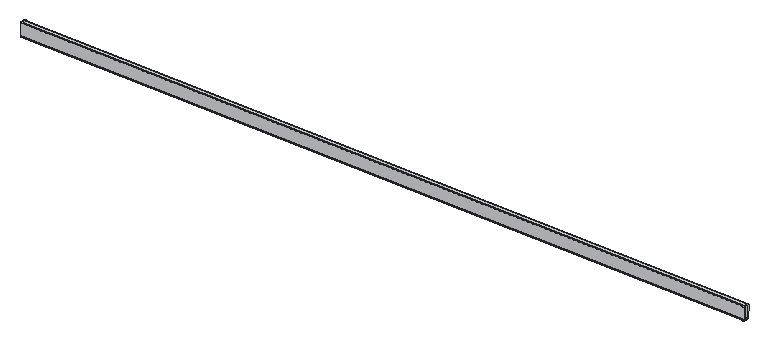
Revit family "33W.75x2.25 Web", category Structural Framing, Revit 2020
Family settings
  Section Shape = Not Defined
  Material for Model Behavior = Steel
  Always export as geometry = No
  OmniClass Number = 23.25.30.11.14.14
  OmniClass Title = Beams
  Always vertical = Yes
  Cut with Voids When Loaded = No
  Symbolic Representation = From Family
  Shared = No
  Show family pre-cut in plan views = Yes
Parameters
  Weight lbs per ft [instance] = 0.6795
  URL = "https://www.trussteel.com/details_files/pdf/ts009.pdf"
  Total Member Weight lbs [instance] = Length / 1' 0" * Weight lbs per ft  # 6.795
  Structural Material = ASTM A500 Grade A Modified Fy 45 ksi
  Steel Design Thickness (in) [instance] = 0.035
  Model = "33W.75x2.25"
  Manufacturer = "TrusSteel"
  Length [instance] = 10' - 0"
  Fy (ksi) [instance] = 45
  Fu (ksi) [instance] = 55
  Description = "Tube Web"
  Cross Section Area (in2) [instance] = 0.1998
  Beam Width = 0' - 0 3/4"
  Beam Height = 0' - 2 1/4"
Reference planes (in)
  plane 1 "Center (Front/Back)": y = 0
  plane 2 "Center El.": z = 0
  plane 3 "Center (Left/Right)": x = 0
  plane 4 "Left": x = -60
  plane 5 "Right": x = 60
Forms (in)
  Extrusion 1, solid
    sketch origin (0, 0, 0) x (0, 1, 0) y (0, 0, 1)
      loop
        arc (-0.27, 1.125) -> (-0.34425, 1.09425) -> (-0.375, 1.02) r 0.105
        line (-0.375, 1.02) -> (-0.375, -1.02)
        arc (-0.375, -1.02) -> (-0.34425, -1.09425) -> (-0.27, -1.125) r 0.105
        line (-0.27, -1.125) -> (0.27, -1.125)
        arc (0.27, -1.125) -> (0.34425, -1.09425) -> (0.375, -1.02) r 0.105
        line (0.375, -1.02) -> (0.375, 1.02)
        arc (0.375, 1.02) -> (0.34425, 1.09425) -> (0.27, 1.125) r 0.105
        line (0.27, 1.125) -> (-0.27, 1.125)
      loop
        arc (-0.27, 1.09) -> (-0.3195, 1.0695) -> (-0.34, 1.02) r 0.07
        line (-0.34, 1.02) -> (-0.34, -1.02)
        arc (-0.34, -1.02) -> (-0.3195, -1.0695) -> (-0.27, -1.09) r 0.07
        line (-0.27, -1.09) -> (0.27, -1.09)
        arc (0.27, -1.09) -> (0.3195, -1.0695) -> (0.34, -1.02) r 0.07
        line (0.34, -1.02) -> (0.34, 1.02)
        arc (0.34, 1.02) -> (0.3195, 1.0695) -> (0.27, 1.09) r 0.07
        line (0.27, 1.09) -> (-0.27, 1.09)
    from -60 to 60
Dimensions and locks (in)
  equal spacing: plane 4 "Left", plane 3 "Center (Left/Right)", plane 5 "Right"
  "Length": plane 4 "Left" to plane 5 "Right"
  "Beam Width": Extrusion 1 to Extrusion 1
  "Beam Height": Extrusion 1 to Extrusion 1
  aligned and locked: level to plane 2 "Center El."
  aligned and locked: plane 4 "Left" to Extrusion 1
  aligned and locked: Extrusion 1 to plane 5 "Right"
Automatic sketch dimensions
  plane 1 "Center (Front/Back)" to Extrusion 1 sketch curve = 0' - 0 3/8"
  Extrusion 1 sketch curve to Extrusion 1 sketch curve = 0' - 0.105"  (x3)
  Extrusion 1 sketch curve to plane 1 "Center (Front/Back)" = 0' - 0.27"  (x2)
  Extrusion 1 sketch curve to level = 0' - 1 1/8"
  Extrusion 1 sketch curve to Extrusion 1 sketch curve = 0' - 0"  (x9)
  Extrusion 1 sketch curve to Extrusion 1 sketch curve = 0' - 0.035"
  level to Extrusion 1 sketch curve = 0' - 1.02"
